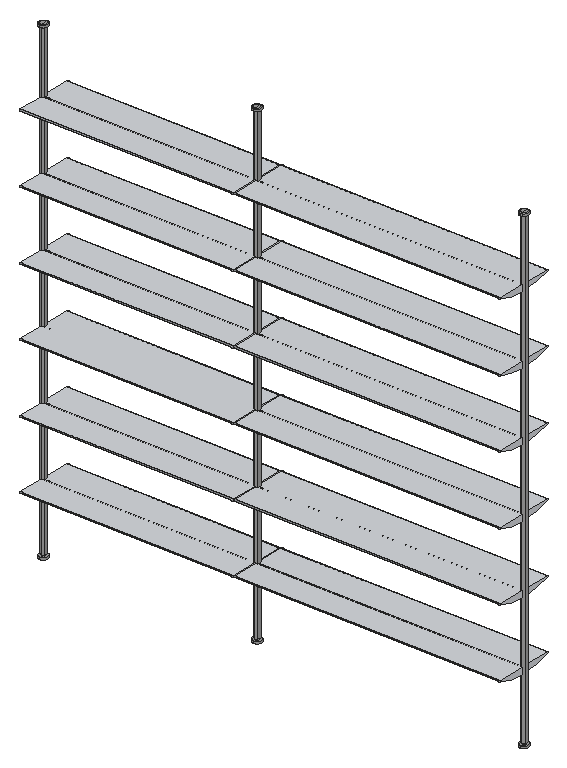
Revit family "Sailor_Composizione_1", category Arredi, Revit 2017
Family settings
  Numero OmniClass = 23.40.20.00
  Titolo OmniClass = General Furniture and Specialties
  Basato su piano di lavoro = No
  Sempre verticale = Sì
  Taglio con vuoti quando caricato = No
  Condiviso = No
  Punto di calcolo locali = No
Parameters
  VisibModulo4 = no
  VisibModulo3 = no
  VisibModulo2 = yes
  URL = "www.livingdivani.it"
  Produttore = "Living Divani"
  Modello = "Sailor"
  Lunghezza Modulo 3 = 750 mm
  Lunghezza Modulo 2 = 1500 mm
  Lunghezza Modulo 4 = 750 mm
  Lunghezza Modulo 1 = 1200 mm
Reference planes
  plane 1 "Centro (Fronte/Retro)": y = 0
  plane 2: z = 0
  plane 3 "Centro (Sinistra/Destra)": x = 0
Dimensions and locks
  aligned and locked: level to plane 2
  aligned and locked: nested 2 to nested 1
  aligned and locked: nested 3 to nested 2
  aligned and locked: nested 2 to nested 3
  aligned and locked: nested 4 to nested 3
  aligned and locked: nested 3 to nested 4
Nested families
  nested 1: "Sailor_Modulo_Base" at (0, 0, 0), LunghezzaRipiano <- "Lunghezza Modulo 1", type "Primo Modulo"
    with VisibRipiano6 yes, VisibRipiano5 yes, VisibRipiano4 yes, VisibRipiano3 yes, VisibRipiano2 yes, VisibRipiano1 yes, LunghezzaRipiano 1200 mm
  nested 2: "Sailor_Modulo_Base" at (1200, 0, 0), LunghezzaRipiano <- "Lunghezza Modulo 2", visible <- "VisibModulo2", type "Secondo Modulo"
    with VisibRipiano6 yes, VisibRipiano5 yes, VisibRipiano4 yes, VisibRipiano3 yes, VisibRipiano2 yes, VisibRipiano1 yes, LunghezzaRipiano 1500 mm, PrimaAsta no
  nested 3: "Sailor_Modulo_Base" at (2700, 0, 0), LunghezzaRipiano <- "Lunghezza Modulo 3", visible <- "VisibModulo3", type "Terzo Modulo"
    with VisibRipiano6 yes, VisibRipiano5 yes, VisibRipiano4 yes, VisibRipiano3 yes, VisibRipiano2 yes, VisibRipiano1 yes, LunghezzaRipiano 750 mm, PrimaAsta no
  nested 4: "Sailor_Modulo_Base" at (3450, 0, 0), LunghezzaRipiano <- "Lunghezza Modulo 4", visible <- "VisibModulo4", type "Quarto Modulo"
    with VisibRipiano6 yes, VisibRipiano5 yes, VisibRipiano4 yes, VisibRipiano3 yes, VisibRipiano2 yes, VisibRipiano1 yes, LunghezzaRipiano 750 mm, PrimaAsta no
Definition of nested family "Sailor_Modulo_Base"
  Parameters (values of type "Sailor_Modulo_Base")
    VisibRipiano6 [instance] = yes
    VisibRipiano5 [instance] = yes
    VisibRipiano4 [instance] = yes
    VisibRipiano3 [instance] = yes
    VisibRipiano1 [instance] = yes
    VisibRipiano2 [instance] = yes
    Ripiano = none
    PrimaAsta = yes
    Aste = none
    LunghezzaRipiano [instance] = 750 mm
  Reference planes
    plane 1 "Centro (Fronte/Retro)": y = 0
    plane 2: z = 0
    plane 3 "Centro (Sinistra/Destra)": x = 0
    plane 4: y = 0
    plane 5 "Lunghezza Ripiano": x = 750
    plane 6 "primo ripiano": z = 383
    plane 7: y = 0
    plane 8: y = 0
    plane 9: y = 0
    plane 10: y = 0
    plane 11: y = 0
  Forms (mm)
    Extrusion 1, solid, material <- "Aste", visible <- "PrimaAsta"
      sketch origin (0, 0, 0) x (1, 0, 0) y (0, 1, 0)
        loop
          line (12.5, 7.217) -> (0, 14.434) -> (-12.5, 7.217) -> (-12.5, -7.217) -> (0, -14.434) -> (12.5, -7.217) -> (12.5, 7.217)
      from 20 to 2670
    Revolve 2, solid, material <- "Aste", visible <- "PrimaAsta"
      sketch origin (0, 0, 0) x (0, 1, 0) y (0, 0, 1)
        loop
          line (0, 20) -> (0, 0) -> (19, 0) -> (20.125, 2.25) -> (25, 2.25) -> (25, 9.915) -> (7.761, 9.915) -> (6.996, 12.974) -> (5, 12.974) -> (5, 14.189) -> (7.229, 20) -> (0, 20)
        axis (0, 0) -> (0, 20)
      angle from 0 to 360
    Revolve 3, solid, material <- "Aste", visible <- "PrimaAsta"
      sketch origin (0, 0, 2690) x (0, 1, 0) y (0, 0, -1)
        loop
          line (0, 20) -> (0, 0) -> (19, 0) -> (20.125, 2.25) -> (25, 2.25) -> (25, 9.915) -> (7.761, 9.915) -> (6.996, 12.974) -> (5, 12.974) -> (5, 14.189) -> (7.229, 20) -> (0, 20)
        axis (0, 0) -> (0, 20)
      angle from 0 to 360
    Extrusion 4, solid, material <- "Ripiano", visible <- "VisibRipiano1"
      sketch origin (0, -315.449, -968.719) x (0, 1, 0) y (0, 0, 1)
        loop
          arc (153.449, 1369.219) -> (150.496, 1366.748) -> (152.408, 1363.405) r 3
          arc (152.408, 1363.405) -> (315.449, 1334.219) -> (478.489, 1363.405) r 469.983
          arc (478.489, 1363.405) -> (480.402, 1366.748) -> (477.449, 1369.219) r 3
          line (477.449, 1369.219) -> (153.449, 1369.219)
        loop
          circle (315.449, 1351.719) r 8
      from 0 to 750 <- "LunghezzaRipiano"
    Extrusion 5, solid, visible <- "PrimaAsta", not visible
      sketch origin (0, 0, 0) x (1, 0, 0) y (0, 1, 0)
        loop
          line (12.5, 7.217) -> (0, 14.434) -> (-12.5, 7.217) -> (-12.5, -7.217) -> (0, -14.434) -> (12.5, -7.217) -> (12.5, 7.217)
      from 20 to 2670
    Revolve 6, solid, visible <- "PrimaAsta", not visible
      sketch origin (0, 0, 0) x (0, 1, 0) y (0, 0, 1)
        loop
          line (0, 20) -> (0, 0) -> (19, 0) -> (20.125, 2.25) -> (25, 2.25) -> (25, 9.915) -> (7.761, 9.915) -> (6.996, 12.974) -> (5, 12.974) -> (5, 14.189) -> (7.229, 20) -> (0, 20)
        axis (0, 0) -> (0, 20)
      angle from 0 to 360
    Revolve 7, solid, visible <- "PrimaAsta", not visible
      sketch origin (0, 0, 2690) x (0, 1, 0) y (0, 0, -1)
        loop
          line (0, 20) -> (0, 0) -> (19, 0) -> (20.125, 2.25) -> (25, 2.25) -> (25, 9.915) -> (7.761, 9.915) -> (6.996, 12.974) -> (5, 12.974) -> (5, 14.189) -> (7.229, 20) -> (0, 20)
        axis (0, 0) -> (0, 20)
      angle from 0 to 360
    Revolve 8, solid, material <- "Aste"
      sketch origin (750, 0, 0) x (0, 1, 0) y (0, 0, 1)
        loop
          line (0, 20) -> (0, 0) -> (19, 0) -> (20.125, 2.25) -> (25, 2.25) -> (25, 9.915) -> (7.761, 9.915) -> (6.996, 12.974) -> (5, 12.974) -> (5, 14.189) -> (7.229, 20) -> (0, 20)
        axis (0, 0) -> (0, 20)
      angle from 0 to 360
    Revolve 9, solid, material <- "Aste"
      sketch origin (750, 0, 2690) x (0, 1, 0) y (0, 0, -1)
        loop
          line (0, 20) -> (0, 0) -> (19, 0) -> (20.125, 2.25) -> (25, 2.25) -> (25, 9.915) -> (7.761, 9.915) -> (6.996, 12.974) -> (5, 12.974) -> (5, 14.189) -> (7.229, 20) -> (0, 20)
        axis (0, 0) -> (0, 20)
      angle from 0 to 360
    Extrusion 10, solid, material <- "Ripiano", visible <- "VisibRipiano2"
      sketch origin (0, -315.449, -583.719) x (0, 1, 0) y (0, 0, 1)
        loop
          arc (153.449, 1369.219) -> (150.496, 1366.748) -> (152.408, 1363.405) r 3
          arc (152.408, 1363.405) -> (315.449, 1334.219) -> (478.489, 1363.405) r 469.983
          arc (478.489, 1363.405) -> (480.402, 1366.748) -> (477.449, 1369.219) r 3
          line (477.449, 1369.219) -> (153.449, 1369.219)
        loop
          circle (315.449, 1351.719) r 8
      from 0 to 750 <- "LunghezzaRipiano"
    Extrusion 11, solid, material <- "Ripiano", visible <- "VisibRipiano3"
      sketch origin (0, -315.449, -198.719) x (0, 1, 0) y (0, 0, 1)
        loop
          arc (153.449, 1369.219) -> (150.496, 1366.748) -> (152.408, 1363.405) r 3
          arc (152.408, 1363.405) -> (315.449, 1334.219) -> (478.489, 1363.405) r 469.983
          arc (478.489, 1363.405) -> (480.402, 1366.748) -> (477.449, 1369.219) r 3
          line (477.449, 1369.219) -> (153.449, 1369.219)
        loop
          circle (315.449, 1351.719) r 8
      from 0 to 750 <- "LunghezzaRipiano"
    Extrusion 12, solid, material <- "Ripiano", visible <- "VisibRipiano4"
      sketch origin (0, -315.449, 186.281) x (0, 1, 0) y (0, 0, 1)
        loop
          arc (153.449, 1369.219) -> (150.496, 1366.748) -> (152.408, 1363.405) r 3
          arc (152.408, 1363.405) -> (315.449, 1334.219) -> (478.489, 1363.405) r 469.983
          arc (478.489, 1363.405) -> (480.402, 1366.748) -> (477.449, 1369.219) r 3
          line (477.449, 1369.219) -> (153.449, 1369.219)
        loop
          circle (315.449, 1351.719) r 8
      from 0 to 750 <- "LunghezzaRipiano"
    Extrusion 13, solid, material <- "Ripiano", visible <- "VisibRipiano5"
      sketch origin (0, -315.449, 571.281) x (0, 1, 0) y (0, 0, 1)
        loop
          arc (153.449, 1369.219) -> (150.496, 1366.748) -> (152.408, 1363.405) r 3
          arc (152.408, 1363.405) -> (315.449, 1334.219) -> (478.489, 1363.405) r 469.983
          arc (478.489, 1363.405) -> (480.402, 1366.748) -> (477.449, 1369.219) r 3
          line (477.449, 1369.219) -> (153.449, 1369.219)
        loop
          circle (315.449, 1351.719) r 8
      from 0 to 750 <- "LunghezzaRipiano"
    Extrusion 14, solid, material <- "Ripiano", visible <- "VisibRipiano6"
      sketch origin (0, -315.449, 956.281) x (0, 1, 0) y (0, 0, 1)
        loop
          arc (153.449, 1369.219) -> (150.496, 1366.748) -> (152.408, 1363.405) r 3
          arc (152.408, 1363.405) -> (315.449, 1334.219) -> (478.489, 1363.405) r 469.983
          arc (478.489, 1363.405) -> (480.402, 1366.748) -> (477.449, 1369.219) r 3
          line (477.449, 1369.219) -> (153.449, 1369.219)
        loop
          circle (315.449, 1351.719) r 8
      from 0 to 750 <- "LunghezzaRipiano"
    Extrusion 15, solid, material <- "Aste"
      sketch origin (750, 0, 0) x (-1, 0, 0) y (0, -1, 0)
        loop
          line (12.5, -7.217) -> (12.5, 7.217) -> (0, 14.434) -> (-12.5, 7.217) -> (-12.5, -7.217) -> (0, -14.434) -> (12.5, -7.217)
      from 20 to 2670
    Extrusion 16, void
      sketch origin (-112.713, -21.581, 0) x (1, 0, 0) y (0, 1, 0)
        loop
          line (112.713, 36.015) -> (112.713, 7.147) -> (125.213, 14.364) -> (125.213, 28.798) -> (112.713, 36.015)
      from 361.476 to 406.494
    Extrusion 17, void
      sketch origin (862.713, -21.581, 0) x (-1, 0, 0) y (0, -1, 0)
        loop
          line (112.713, -36.015) -> (125.213, -28.798) -> (125.213, -14.364) -> (112.713, -7.147) -> (112.713, -36.015)
      from 361.476 to 406.494
    Extrusion 18, void
      sketch origin (-112.713, -21.581, 385.443) x (0, -1, 0) y (1, 0, 0)
        loop
          line (-36.015, 112.713) -> (-7.147, 112.713) -> (-14.364, 125.213) -> (-28.798, 125.213) -> (-36.015, 112.713)
      from 361.476 to 406.494
    Extrusion 19, void
      sketch origin (862.713, -21.581, 385.443) x (0, 1, 0) y (-1, 0, 0)
        loop
          line (36.015, 112.713) -> (28.798, 125.213) -> (14.364, 125.213) -> (7.147, 112.713) -> (36.015, 112.713)
      from 361.476 to 406.494
    Extrusion 20, void
      sketch origin (-112.713, -21.581, 770.443) x (0, -1, 0) y (1, 0, 0)
        loop
          line (-36.015, 112.713) -> (-7.147, 112.713) -> (-14.364, 125.213) -> (-28.798, 125.213) -> (-36.015, 112.713)
      from 361.476 to 406.494
    Extrusion 21, void
      sketch origin (862.713, -21.581, 770.443) x (0, 1, 0) y (-1, 0, 0)
        loop
          line (36.015, 112.713) -> (28.798, 125.213) -> (14.364, 125.213) -> (7.147, 112.713) -> (36.015, 112.713)
      from 361.476 to 406.494
    Extrusion 22, void
      sketch origin (-112.713, -21.581, 1155.443) x (0, -1, 0) y (1, 0, 0)
        loop
          line (-36.015, 112.713) -> (-7.147, 112.713) -> (-14.364, 125.213) -> (-28.798, 125.213) -> (-36.015, 112.713)
      from 361.476 to 406.494
    Extrusion 23, void
      sketch origin (862.713, -21.581, 1155.443) x (0, 1, 0) y (-1, 0, 0)
        loop
          line (36.015, 112.713) -> (28.798, 125.213) -> (14.364, 125.213) -> (7.147, 112.713) -> (36.015, 112.713)
      from 361.476 to 406.494
    Extrusion 24, void
      sketch origin (-112.713, -21.581, 1540.443) x (0, -1, 0) y (1, 0, 0)
        loop
          line (-36.015, 112.713) -> (-7.147, 112.713) -> (-14.364, 125.213) -> (-28.798, 125.213) -> (-36.015, 112.713)
      from 361.476 to 406.494
    Extrusion 25, void
      sketch origin (862.713, -21.581, 1540.443) x (0, 1, 0) y (-1, 0, 0)
        loop
          line (36.015, 112.713) -> (28.798, 125.213) -> (14.364, 125.213) -> (7.147, 112.713) -> (36.015, 112.713)
      from 361.476 to 406.494
    Extrusion 26, void
      sketch origin (-112.713, -21.581, 1925.443) x (0, -1, 0) y (1, 0, 0)
        loop
          line (-36.015, 112.713) -> (-7.147, 112.713) -> (-14.364, 125.213) -> (-28.798, 125.213) -> (-36.015, 112.713)
      from 361.476 to 406.494
    Extrusion 27, void
      sketch origin (862.713, -21.581, 1925.443) x (0, 1, 0) y (-1, 0, 0)
        loop
          line (36.015, 112.713) -> (28.798, 125.213) -> (14.364, 125.213) -> (7.147, 112.713) -> (36.015, 112.713)
      from 361.476 to 406.494
  Cuts and joins
    Extrusion 16, Extrusion 17, Extrusion 18, Extrusion 19 cuts Extrusion 4
    Extrusion 16, Extrusion 17, Extrusion 26, Extrusion 27 cuts Extrusion 14
    Extrusion 17 cuts Extrusion 1
    Extrusion 18, Extrusion 19, Extrusion 20 cuts Extrusion 10
    Extrusion 20, Extrusion 21, Extrusion 22 cuts Extrusion 11
    Extrusion 22, Extrusion 23, Extrusion 24 cuts Extrusion 12
    Extrusion 24, Extrusion 25, Extrusion 26 cuts Extrusion 13
  Dimensions and locks
    equal spacing: Extrusion 4 sketch curve, plane 4, Extrusion 4 sketch curve, locked at 165 each
    "LunghezzaRipiano": plane 3 "Centro (Sinistra/Destra)" to plane 5 "Lunghezza Ripiano"
    plane 6 "primo ripiano" to level = 383 mm
    equal spacing: Extrusion 10 sketch curve, plane 7, Extrusion 10 sketch curve, locked at 165 each
    Extrusion 10 to plane 6 "primo ripiano" = 385 mm
    equal spacing: Extrusion 11 sketch curve, plane 8, Extrusion 11 sketch curve, locked at 165 each
    equal spacing: Extrusion 12 sketch curve, plane 9, Extrusion 12 sketch curve, locked at 165 each
    equal spacing: Extrusion 13 sketch curve, plane 10, Extrusion 13 sketch curve, locked at 165 each
    equal spacing: Extrusion 14 sketch curve, plane 11, Extrusion 14 sketch curve, locked at 165 each
    aligned and locked: level to plane 2
    aligned and locked: Extrusion 1 to Revolve 2
    aligned and locked: Extrusion 1 to Revolve 3
    aligned and locked: plane 4 to plane 1 "Centro (Fronte/Retro)"
    aligned and locked: plane 5 "Lunghezza Ripiano" to Revolve 9
    aligned and locked: plane 6 "primo ripiano" to Extrusion 4
    aligned and locked: Extrusion 15 to plane 5 "Lunghezza Ripiano"
    aligned and locked: cut or joined group of Extrusion 14, Extrusion 16, Extrusion 17, Extrusion 26, Extrusion 27 to cut or joined group of Extrusion 4, Extrusion 16, Extrusion 17, Extrusion 18, Extrusion 19  (x2)
    aligned and locked: plane 5 "Lunghezza Ripiano" to Revolve 8
  Automatic sketch dimensions
    Extrusion 5 sketch curve to Extrusion 5 sketch curve = 7.217 mm  (x4)
    Revolve 6 sketch curve to Revolve 6 sketch curve = 1.996 mm
    Revolve 6 sketch curve to Revolve 6 sketch curve = 2.229 mm
    Revolve 6 sketch curve to Revolve 6 sketch curve = 0.765 mm
    Revolve 6 sketch curve to Revolve 6 sketch curve = 11.239 mm
    Revolve 6 sketch curve to Revolve 6 sketch curve = 1.125 mm
    Revolve 6 sketch curve to Revolve 6 sketch curve = 4.875 mm
    Revolve 6 sketch curve to Revolve 6 sketch curve = 3.059 mm
    Revolve 6 sketch curve to Revolve 6 sketch curve = 1.216 mm
    Revolve 6 sketch curve to Revolve 6 sketch curve = 5.811 mm
    Revolve 6 sketch curve to Revolve 6 sketch curve = 2780 mm
    Revolve 7 sketch curve to Revolve 7 sketch curve = 1.996 mm
    Revolve 7 sketch curve to Revolve 7 sketch curve = 2.229 mm
    Revolve 7 sketch curve to Revolve 7 sketch curve = 0.765 mm
    Revolve 7 sketch curve to Revolve 7 sketch curve = 11.239 mm
    Revolve 7 sketch curve to Revolve 7 sketch curve = 1.125 mm
    Revolve 7 sketch curve to Revolve 7 sketch curve = 4.875 mm
    Revolve 7 sketch curve to Revolve 7 sketch curve = 2.25 mm
    Revolve 7 sketch curve to Revolve 7 sketch curve = 9.915 mm
    Revolve 7 sketch curve to Revolve 7 sketch curve = 3.059 mm
    Revolve 7 sketch curve to Revolve 7 sketch curve = 1.216 mm
    Revolve 7 sketch curve to Revolve 7 sketch curve = 5.811 mm
    Revolve 7 sketch curve to Revolve 7 sketch curve = 0 mm  (x2)
    Extrusion 5 sketch curve to Extrusion 5 sketch curve = 12.5 mm  (x3)
    Extrusion 5 sketch curve to Extrusion 5 sketch curve = 14.434 mm
    Revolve 6 sketch curve to Revolve 6 sketch curve = 5 mm
    Revolve 6 sketch curve to Revolve 6 sketch curve = 2.25 mm
    Revolve 6 sketch curve to Revolve 6 sketch curve = 9.915 mm
    Revolve 6 sketch curve to Revolve 6 sketch curve = 0 mm  (x2)
    Revolve 7 sketch curve to Revolve 7 sketch curve = 5 mm
    Revolve 7 sketch curve to Revolve 7 sketch curve = 2780 mm
    Extrusion 1 sketch curve to plane 3 "Centro (Sinistra/Destra)" = 0 mm  (x2)
    Extrusion 1 sketch curve to plane 3 "Centro (Sinistra/Destra)" = 12.5 mm
    plane 3 "Centro (Sinistra/Destra)" to Extrusion 1 sketch curve = 12.5 mm
    plane 1 "Centro (Fronte/Retro)" to Extrusion 1 sketch curve = 14.434 mm
    plane 1 "Centro (Fronte/Retro)" to Extrusion 1 sketch curve = 7.217 mm  (x2)
    Extrusion 1 sketch curve to plane 1 "Centro (Fronte/Retro)" = 7.217 mm  (x2)
    Extrusion 1 sketch curve to Extrusion 1 sketch curve = 7.217 mm
    Revolve 2 sketch curve to level = 0 mm  (x2)
    Revolve 2 sketch curve to plane 1 "Centro (Fronte/Retro)" = 0 mm  (x2)
    Revolve 2 sketch curve to plane 1 "Centro (Fronte/Retro)" = 5 mm
    Revolve 2 sketch curve to Revolve 2 sketch curve = 1.996 mm
    Revolve 2 sketch curve to Revolve 2 sketch curve = 2.229 mm
    Revolve 2 sketch curve to Revolve 2 sketch curve = 0.765 mm
    Revolve 2 sketch curve to Revolve 2 sketch curve = 11.239 mm
    level to Revolve 2 sketch curve = 2.25 mm
    Revolve 2 sketch curve to Revolve 2 sketch curve = 1.125 mm
    Revolve 2 sketch curve to Revolve 2 sketch curve = 4.875 mm
    level to Revolve 2 sketch curve = 9.915 mm
    Revolve 2 sketch curve to Revolve 2 sketch curve = 3.059 mm
    Revolve 2 sketch curve to Revolve 2 sketch curve = 1.216 mm
    Revolve 2 sketch curve to Revolve 2 sketch curve = 5.811 mm
    plane 6 "primo ripiano" to Revolve 2 sketch curve = 2417 mm
    Revolve 3 sketch curve to plane 1 "Centro (Fronte/Retro)" = 0 mm  (x2)
    plane 1 "Centro (Fronte/Retro)" to Revolve 3 sketch curve = 5 mm
    Revolve 3 sketch curve to Revolve 3 sketch curve = 1.996 mm
    Revolve 3 sketch curve to Revolve 3 sketch curve = 2.229 mm
    Revolve 3 sketch curve to Revolve 3 sketch curve = 0.765 mm
    Revolve 3 sketch curve to Revolve 3 sketch curve = 11.239 mm
    Revolve 3 sketch curve to Revolve 3 sketch curve = 1.125 mm
    Revolve 3 sketch curve to Revolve 3 sketch curve = 4.875 mm
    Revolve 3 sketch curve to plane 6 "primo ripiano" = 2307 mm
    Revolve 3 sketch curve to Revolve 3 sketch curve = 2.25 mm
    Revolve 3 sketch curve to Revolve 3 sketch curve = 9.915 mm
    Revolve 3 sketch curve to Revolve 3 sketch curve = 3.059 mm
    Revolve 3 sketch curve to Revolve 3 sketch curve = 1.216 mm
    Revolve 3 sketch curve to Revolve 3 sketch curve = 5.811 mm
    Revolve 3 sketch curve to Revolve 3 sketch curve = 0 mm
    level to Revolve 3 sketch curve = 110 mm
    Extrusion 4 sketch curve to plane 1 "Centro (Fronte/Retro)" = 0 mm  (x2)
    Extrusion 4 sketch curve to plane 6 "primo ripiano" = 0 mm
    plane 6 "primo ripiano" to Extrusion 4 sketch curve = 17.5 mm
    plane 1 "Centro (Fronte/Retro)" to Extrusion 4 sketch curve = 162 mm
    Extrusion 4 sketch curve to plane 1 "Centro (Fronte/Retro)" = 162 mm
    Extrusion 4 sketch curve to Extrusion 4 sketch curve = 3 mm
    Extrusion 4 sketch curve to Extrusion 4 sketch curve = 452.483 mm
    Extrusion 4 sketch curve to Extrusion 4 sketch curve = 0 mm
    Revolve 8 sketch curve to level = 0 mm  (x2)
    Revolve 8 sketch curve to plane 1 "Centro (Fronte/Retro)" = 0 mm  (x2)
    Revolve 8 sketch curve to plane 1 "Centro (Fronte/Retro)" = 5 mm
    Revolve 8 sketch curve to Revolve 8 sketch curve = 1.996 mm
    Revolve 8 sketch curve to Revolve 8 sketch curve = 2.229 mm
    Revolve 8 sketch curve to Revolve 8 sketch curve = 0.765 mm
    Revolve 8 sketch curve to Revolve 8 sketch curve = 11.239 mm
    level to Revolve 8 sketch curve = 2.25 mm
    Revolve 8 sketch curve to Revolve 8 sketch curve = 1.125 mm
    Revolve 8 sketch curve to Revolve 8 sketch curve = 4.875 mm
    level to Revolve 8 sketch curve = 9.915 mm
    Revolve 8 sketch curve to Revolve 8 sketch curve = 3.059 mm
    Revolve 8 sketch curve to Revolve 8 sketch curve = 1.216 mm
    Revolve 8 sketch curve to Revolve 8 sketch curve = 5.811 mm
    plane 6 "primo ripiano" to Revolve 8 sketch curve = 2417 mm
    Revolve 9 sketch curve to plane 1 "Centro (Fronte/Retro)" = 0 mm  (x2)
    plane 1 "Centro (Fronte/Retro)" to Revolve 9 sketch curve = 5 mm
    Revolve 9 sketch curve to Revolve 9 sketch curve = 1.996 mm
    Revolve 9 sketch curve to Revolve 9 sketch curve = 2.229 mm
    Revolve 9 sketch curve to Revolve 9 sketch curve = 0.765 mm
    Revolve 9 sketch curve to Revolve 9 sketch curve = 11.239 mm
    Revolve 9 sketch curve to Revolve 9 sketch curve = 1.125 mm
    Revolve 9 sketch curve to Revolve 9 sketch curve = 4.875 mm
    Revolve 9 sketch curve to plane 6 "primo ripiano" = 2307 mm
    Revolve 9 sketch curve to Revolve 9 sketch curve = 2.25 mm
    Revolve 9 sketch curve to Revolve 9 sketch curve = 9.915 mm
    Revolve 9 sketch curve to Revolve 9 sketch curve = 3.059 mm
    Revolve 9 sketch curve to Revolve 9 sketch curve = 1.216 mm
    Revolve 9 sketch curve to Revolve 9 sketch curve = 5.811 mm
    Revolve 9 sketch curve to Revolve 9 sketch curve = 0 mm
    level to Revolve 9 sketch curve = 110 mm
    Extrusion 10 sketch curve to plane 1 "Centro (Fronte/Retro)" = 0 mm  (x2)
    plane 1 "Centro (Fronte/Retro)" to Extrusion 10 sketch curve = 162 mm
    Extrusion 10 sketch curve to plane 1 "Centro (Fronte/Retro)" = 162 mm
    plane 6 "primo ripiano" to Extrusion 10 sketch curve = 385 mm
    Extrusion 10 sketch curve to Extrusion 10 sketch curve = 14.5 mm
    Extrusion 10 sketch curve to Extrusion 10 sketch curve = 3 mm
    Extrusion 10 sketch curve to Extrusion 10 sketch curve = 452.483 mm
    Extrusion 10 sketch curve to Extrusion 10 sketch curve = 0 mm
    Extrusion 11 sketch curve to plane 1 "Centro (Fronte/Retro)" = 0 mm  (x2)
    plane 1 "Centro (Fronte/Retro)" to Extrusion 11 sketch curve = 162 mm
    Extrusion 11 sketch curve to plane 1 "Centro (Fronte/Retro)" = 162 mm
    plane 6 "primo ripiano" to Extrusion 11 sketch curve = 770 mm
    Extrusion 11 sketch curve to Extrusion 11 sketch curve = 14.5 mm
    Extrusion 11 sketch curve to Extrusion 11 sketch curve = 3 mm
    Extrusion 11 sketch curve to Extrusion 11 sketch curve = 452.483 mm
    Extrusion 11 sketch curve to Extrusion 11 sketch curve = 0 mm
    Extrusion 12 sketch curve to plane 1 "Centro (Fronte/Retro)" = 0 mm  (x2)
    plane 1 "Centro (Fronte/Retro)" to Extrusion 12 sketch curve = 162 mm
    Extrusion 12 sketch curve to plane 1 "Centro (Fronte/Retro)" = 162 mm
    plane 6 "primo ripiano" to Extrusion 12 sketch curve = 1155 mm
    Extrusion 12 sketch curve to Extrusion 12 sketch curve = 14.5 mm
    Extrusion 12 sketch curve to Extrusion 12 sketch curve = 3 mm
    Extrusion 12 sketch curve to Extrusion 12 sketch curve = 452.483 mm
    Extrusion 12 sketch curve to Extrusion 12 sketch curve = 0 mm
    Extrusion 13 sketch curve to plane 1 "Centro (Fronte/Retro)" = 0 mm  (x2)
    plane 1 "Centro (Fronte/Retro)" to Extrusion 13 sketch curve = 162 mm
    Extrusion 13 sketch curve to plane 1 "Centro (Fronte/Retro)" = 162 mm
    plane 6 "primo ripiano" to Extrusion 13 sketch curve = 1540 mm
    Extrusion 13 sketch curve to Extrusion 13 sketch curve = 14.5 mm
    Extrusion 13 sketch curve to Extrusion 13 sketch curve = 3 mm
    Extrusion 13 sketch curve to Extrusion 13 sketch curve = 452.483 mm
    Extrusion 13 sketch curve to Extrusion 13 sketch curve = 0 mm
    Extrusion 14 sketch curve to plane 1 "Centro (Fronte/Retro)" = 0 mm  (x2)
    plane 1 "Centro (Fronte/Retro)" to Extrusion 14 sketch curve = 162 mm
    Extrusion 14 sketch curve to plane 1 "Centro (Fronte/Retro)" = 162 mm
    plane 6 "primo ripiano" to Extrusion 14 sketch curve = 1925 mm
    Extrusion 14 sketch curve to Extrusion 14 sketch curve = 14.5 mm
    Extrusion 14 sketch curve to Extrusion 14 sketch curve = 3 mm
    Extrusion 14 sketch curve to Extrusion 14 sketch curve = 452.483 mm
    Extrusion 14 sketch curve to Extrusion 14 sketch curve = 0 mm
    Extrusion 15 sketch curve to plane 5 "Lunghezza Ripiano" = 0 mm  (x2)
    plane 5 "Lunghezza Ripiano" to Extrusion 15 sketch curve = 12.5 mm
    Extrusion 15 sketch curve to plane 5 "Lunghezza Ripiano" = 12.5 mm
    Extrusion 15 sketch curve to plane 1 "Centro (Fronte/Retro)" = 14.434 mm
    Extrusion 15 sketch curve to plane 1 "Centro (Fronte/Retro)" = 7.217 mm  (x2)
    plane 1 "Centro (Fronte/Retro)" to Extrusion 15 sketch curve = 7.217 mm  (x2)
    Extrusion 15 sketch curve to Extrusion 15 sketch curve = 7.217 mm
    Extrusion 16 sketch curve to plane 3 "Centro (Sinistra/Destra)" = 0 mm
    plane 3 "Centro (Sinistra/Destra)" to Extrusion 16 sketch curve = 12.5 mm
    plane 1 "Centro (Fronte/Retro)" to Extrusion 16 sketch curve = 14.434 mm
    plane 1 "Centro (Fronte/Retro)" to Extrusion 16 sketch curve = 7.217 mm
    Extrusion 16 sketch curve to plane 1 "Centro (Fronte/Retro)" = 7.217 mm
    Extrusion 16 sketch curve to Extrusion 16 sketch curve = 7.217 mm
    plane 5 "Lunghezza Ripiano" to Extrusion 17 sketch curve = 0 mm
    plane 5 "Lunghezza Ripiano" to Extrusion 17 sketch curve = 12.5 mm
    Extrusion 17 sketch curve to plane 1 "Centro (Fronte/Retro)" = 14.434 mm
    Extrusion 17 sketch curve to plane 1 "Centro (Fronte/Retro)" = 7.217 mm
    plane 1 "Centro (Fronte/Retro)" to Extrusion 17 sketch curve = 7.217 mm
    plane 1 "Centro (Fronte/Retro)" to Extrusion 17 sketch curve = 14.434 mm
    Extrusion 18 sketch curve to plane 3 "Centro (Sinistra/Destra)" = 0 mm
    Extrusion 18 sketch curve to plane 1 "Centro (Fronte/Retro)" = 14.434 mm
    Extrusion 18 sketch curve to plane 1 "Centro (Fronte/Retro)" = 7.217 mm
    plane 1 "Centro (Fronte/Retro)" to Extrusion 18 sketch curve = 7.217 mm
    Extrusion 18 sketch curve to Extrusion 18 sketch curve = 7.217 mm
    plane 3 "Centro (Sinistra/Destra)" to Extrusion 18 sketch curve = 12.5 mm
    Extrusion 19 sketch curve to plane 5 "Lunghezza Ripiano" = 0 mm
    plane 1 "Centro (Fronte/Retro)" to Extrusion 19 sketch curve = 14.434 mm
    plane 1 "Centro (Fronte/Retro)" to Extrusion 19 sketch curve = 7.217 mm
    Extrusion 19 sketch curve to plane 1 "Centro (Fronte/Retro)" = 7.217 mm
    Extrusion 19 sketch curve to plane 1 "Centro (Fronte/Retro)" = 14.434 mm
    Extrusion 19 sketch curve to plane 5 "Lunghezza Ripiano" = 12.5 mm
    Extrusion 20 sketch curve to plane 3 "Centro (Sinistra/Destra)" = 0 mm
    Extrusion 20 sketch curve to plane 1 "Centro (Fronte/Retro)" = 14.434 mm
    Extrusion 20 sketch curve to plane 1 "Centro (Fronte/Retro)" = 7.217 mm
    plane 1 "Centro (Fronte/Retro)" to Extrusion 20 sketch curve = 7.217 mm
    Extrusion 20 sketch curve to Extrusion 20 sketch curve = 7.217 mm
    plane 3 "Centro (Sinistra/Destra)" to Extrusion 20 sketch curve = 12.5 mm
    Extrusion 21 sketch curve to plane 5 "Lunghezza Ripiano" = 0 mm
    plane 1 "Centro (Fronte/Retro)" to Extrusion 21 sketch curve = 14.434 mm
    plane 1 "Centro (Fronte/Retro)" to Extrusion 21 sketch curve = 7.217 mm
    Extrusion 21 sketch curve to plane 1 "Centro (Fronte/Retro)" = 7.217 mm
    Extrusion 21 sketch curve to plane 1 "Centro (Fronte/Retro)" = 14.434 mm
    Extrusion 21 sketch curve to plane 5 "Lunghezza Ripiano" = 12.5 mm
    Extrusion 22 sketch curve to plane 3 "Centro (Sinistra/Destra)" = 0 mm
    Extrusion 22 sketch curve to plane 1 "Centro (Fronte/Retro)" = 14.434 mm
    Extrusion 22 sketch curve to plane 1 "Centro (Fronte/Retro)" = 7.217 mm
    plane 1 "Centro (Fronte/Retro)" to Extrusion 22 sketch curve = 7.217 mm
    Extrusion 22 sketch curve to Extrusion 22 sketch curve = 7.217 mm
    plane 3 "Centro (Sinistra/Destra)" to Extrusion 22 sketch curve = 12.5 mm
    Extrusion 23 sketch curve to plane 5 "Lunghezza Ripiano" = 0 mm
    plane 1 "Centro (Fronte/Retro)" to Extrusion 23 sketch curve = 14.434 mm
    plane 1 "Centro (Fronte/Retro)" to Extrusion 23 sketch curve = 7.217 mm
    Extrusion 23 sketch curve to plane 1 "Centro (Fronte/Retro)" = 7.217 mm
    Extrusion 23 sketch curve to plane 1 "Centro (Fronte/Retro)" = 14.434 mm
    Extrusion 23 sketch curve to plane 5 "Lunghezza Ripiano" = 12.5 mm
    Extrusion 24 sketch curve to plane 3 "Centro (Sinistra/Destra)" = 0 mm
    Extrusion 24 sketch curve to plane 1 "Centro (Fronte/Retro)" = 14.434 mm
    Extrusion 24 sketch curve to plane 1 "Centro (Fronte/Retro)" = 7.217 mm
    plane 1 "Centro (Fronte/Retro)" to Extrusion 24 sketch curve = 7.217 mm
    Extrusion 24 sketch curve to Extrusion 24 sketch curve = 7.217 mm
    plane 3 "Centro (Sinistra/Destra)" to Extrusion 24 sketch curve = 12.5 mm
    Extrusion 25 sketch curve to plane 5 "Lunghezza Ripiano" = 0 mm
    plane 1 "Centro (Fronte/Retro)" to Extrusion 25 sketch curve = 14.434 mm
    plane 1 "Centro (Fronte/Retro)" to Extrusion 25 sketch curve = 7.217 mm
    Extrusion 25 sketch curve to plane 1 "Centro (Fronte/Retro)" = 7.217 mm
    Extrusion 25 sketch curve to plane 1 "Centro (Fronte/Retro)" = 14.434 mm
    Extrusion 25 sketch curve to plane 5 "Lunghezza Ripiano" = 12.5 mm
    Extrusion 26 sketch curve to plane 3 "Centro (Sinistra/Destra)" = 0 mm
    Extrusion 26 sketch curve to plane 1 "Centro (Fronte/Retro)" = 14.434 mm
    Extrusion 26 sketch curve to plane 1 "Centro (Fronte/Retro)" = 7.217 mm
    plane 1 "Centro (Fronte/Retro)" to Extrusion 26 sketch curve = 7.217 mm
    Extrusion 26 sketch curve to Extrusion 26 sketch curve = 7.217 mm
    plane 3 "Centro (Sinistra/Destra)" to Extrusion 26 sketch curve = 12.5 mm
    Extrusion 27 sketch curve to plane 5 "Lunghezza Ripiano" = 0 mm
    plane 1 "Centro (Fronte/Retro)" to Extrusion 27 sketch curve = 14.434 mm
    plane 1 "Centro (Fronte/Retro)" to Extrusion 27 sketch curve = 7.217 mm
    Extrusion 27 sketch curve to plane 1 "Centro (Fronte/Retro)" = 7.217 mm
    Extrusion 27 sketch curve to plane 1 "Centro (Fronte/Retro)" = 14.434 mm
    Extrusion 27 sketch curve to plane 5 "Lunghezza Ripiano" = 12.5 mm
    radius of Extrusion 4 sketch curve = 8 mm
    radius of Extrusion 10 sketch curve = 8 mm
    radius of Extrusion 11 sketch curve = 8 mm
    radius of Extrusion 12 sketch curve = 8 mm
    radius of Extrusion 13 sketch curve = 8 mm
    radius of Extrusion 14 sketch curve = 8 mm
